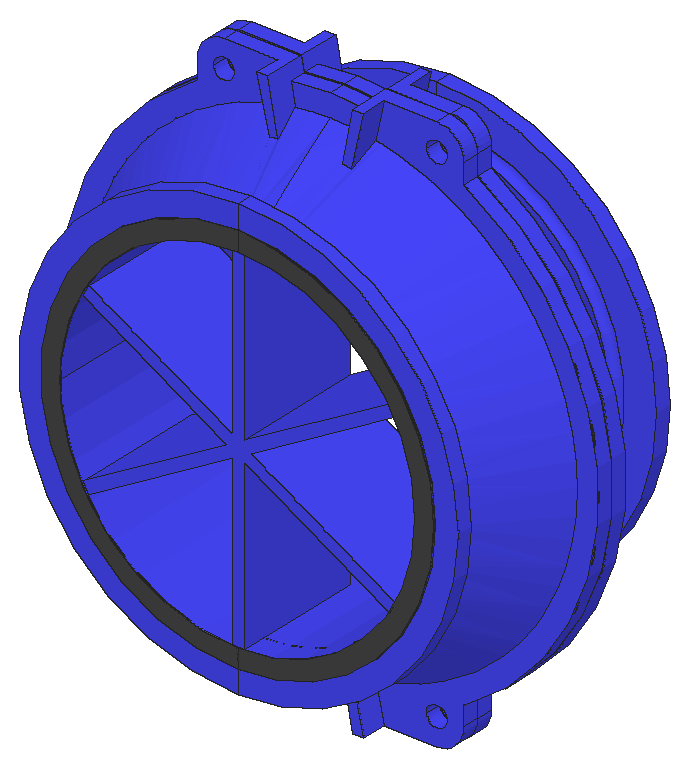
Revit family "928-00-001-DN600-1200", category Pipe Accessories, Revit 2022
Family settings
  Round Connector Dimension = Use Diameter
  Part Type = Valve - Breaks Into
  Work Plane-Based = No
  Always vertical = Yes
  Cut with Voids When Loaded = No
  Shared = No
Parameters (values of type "DN1200_PN16")
  slot_L = FL_T * 0.2  # 11.4 mm
  reference = Bore_R + Raised_dis  # 604 mm
  logo = B / 4  # 112.5 mm
  fillet_location = Raised_R * 0.8  # 531.2 mm
  URL product pages = "https://www.avkvalves.com/P.aspx?no=92860000010010200"
  Support_dim1 = size_lookup(Search_table, "Support_dim1", 0 mm, DN)  # 454.5 mm
  Support_dim = size_lookup(Search_table, "Support_dim", 0 mm, DN)  # 90.72 mm
  Slot_b = slot_L * 0.4  # 4.56 mm
  Search_table = "928-00-001-DN600-1200"
  Rib_T = FL_support3 * 0.8  # 144 mm
  Rib_L = FL_T * 1.5  # 85.5 mm
  Raised_dis = size_lookup(Search_table, "Raised_dis", 0 mm, DN)  # 4 mm
  Raised_R = size_lookup(Search_table, "Raised_R", 0 mm, DN)  # 664 mm
  PCD = size_lookup(Search_table, "PCD", 0 mm, DN) / 2  # 695 mm
  Mid_FL+5 = Mid_FL * 1.7  # 64.26 mm
  Mid_FL = A * 0.04  # 37.8 mm
  Inside_T = FL_T * 0.35  # 19.95 mm
  Hole_R = size_lookup(Search_table, "Hole_R", 0 mm, DN) * 1.8  # 36 mm
  Fillet = size_lookup(Search_table, "Fillet", 0 mm, DN)  # 28.5 mm
  FL_support4 = FL_support3 * 0.7  # 126 mm
  FL_support3 = B * 0.4  # 180 mm
  FL_support2 = B * 0.9  # 405 mm
  FL_support1 = Body_revolve + (Body_revolve * 0.1)  # 125.07 mm
  FL_T = size_lookup(Search_table, "FL_T", 0 mm, DN)  # 57 mm
  FL_R = size_lookup(Search_table, "FL_R", 0 mm, DN)  # 743 mm
  Description_ = "AVK DISC CHECK VALVE, FLANGED, PN10/16"
  Default Elevation = 0 mm
  DN900_PN16 = "928-900-00-010010200"
  DN900_PN10 = "928-900-00-010010200"
  DN800_PN16 = "928-800-00-020010200"
  DN800_PN10 = "928-800-00-010010200"
  DN700_PN16 = "928-700-00-020010200"
  DN700_PN10 = "928-700-00-010010200"
  DN600_PN16 = "928-600-00-020010200"
  DN600_PN10 = "928-600-00-010010200"
  DN1200_PN16 = "928-A12-00-010010200"
  DN1200_PN10 = "928-A12-00-010010200"
  DN1000_PN16 = "928-A10-00-010010200"
  DN1000_PN10 = "928-A10-00-010010200"
  DN = 1200.1 mm
  Bore_R_cut = Bore_R + 2 mm  # 602 mm
  Bore_R = size_lookup(Search_table, "Bore_R", 0 mm, DN)  # 600 mm
  Body_revolve = FL_T + (Mid_FL * 1.5)  # 113.7 mm
  Body_T = size_lookup(Search_table, "Body_T", 0 mm, DN)  # 20 mm
  Body_Rev1 = FL_T + Fillet  # 85.5 mm
  Body_Arc = PCD * 1.1  # 764.5 mm
  B-3 = B - 3 mm  # 447 mm
  B = size_lookup(Search_table, "B", 0 mm, DN) / 2  # 450 mm
  A-3 = A - 3 mm  # 942 mm
  A = size_lookup(Search_table, "A", 0 mm, DN) / 2  # 945 mm
  5 = 5 mm  # constant formula
  1 = 1 mm  # constant formula
Types (15, lengths in mm): name | slot_L | reference | logo | fillet_location | Support_dim1 | Support_dim | Slot_b | Rib_T | Rib_L | Raised_R | PCD | Mid_FL+5 | Mid_FL | Inside_T | Hole_R | Fillet | FL_support4 | FL_support3 | FL_support2 | FL_support1 | FL_T | FL_R | DN | Bore_R_cut | Bore_R | Body_revolve | Body_T | Body_Rev1 | Body_Arc | B-3 | B | A-3 | A
  (no name) | 11.4 | 604 | 112.5 | 531.2 | 454.5 | 90.72 | 4.56 | 144 | 85.5 | 664 | 695 | 64.26 | 37.8 | 19.95 | 36 | 28.5 | 126 | 180 | 405 | 125.07 | 57 | 743 | 1200.1 | 602 | 600 | 113.7 | 20 | 85.5 | 764.5 | 447 | 450 | 942 | 945
  DN600_PN10 | 7.2 | 304 | 54.375 | 272.8 | 219.675 | 44.16 | 2.88 | 69.6 | 54 | 341 | 385 | 31.28 | 18.4 | 12.6 | 28.8 | 18 | 60.9 | 87 | 195.75 | 69.96 | 36 | 420 | 600 | 302 | 300 | 63.6 | 8 | 54 | 423.5 | 214.5 | 217.5 | 457 | 460
  DN600_PN16 | 7.2 | 304 | 54.375 | 288 | 219.675 | 44.16 | 2.88 | 69.6 | 54 | 360 | 385 | 31.28 | 18.4 | 12.6 | 28.8 | 18 | 60.9 | 87 | 195.75 | 69.96 | 36 | 420 | 600.1 | 302 | 300 | 63.6 | 8 | 54 | 423.5 | 214.5 | 217.5 | 457 | 460
  DN700_PN10 | 8 | 354 | 62.5 | 317.6 | 252.5 | 53.76 | 3.2 | 80 | 60 | 397 | 420 | 38.08 | 22.4 | 14 | 28.8 | 20 | 70 | 100 | 225 | 80.96 | 40 | 455 | 700 | 352 | 350 | 73.6 | 10 | 60 | 462 | 247 | 250 | 557 | 560
  DN700_PN16 | 8 | 354 | 62.5 | 317.6 | 252.5 | 53.76 | 3.2 | 80 | 60 | 397 | 420 | 38.08 | 22.4 | 14 | 28.8 | 20 | 70 | 100 | 225 | 80.96 | 40 | 455 | 700.1 | 352 | 350 | 73.6 | 12 | 60 | 462 | 247 | 250 | 557 | 560
  DN800_PN10 | 8.6 | 404 | 64.375 | 360.8 | 260.075 | 56.64 | 3.44 | 82.4 | 64.5 | 451 | 475 | 40.12 | 23.6 | 15.05 | 32.4 | 21.5 | 72.1 | 103 | 231.75 | 86.24 | 43 | 512 | 800 | 402 | 400 | 78.4 | 14 | 64.5 | 522.5 | 254.5 | 257.5 | 587 | 590
  DN800_PN16 | 8.6 | 404 | 64.375 | 360.4 | 260.075 | 56.64 | 3.44 | 82.4 | 64.5 | 450.5 | 475 | 40.12 | 23.6 | 15.05 | 32.4 | 21.5 | 72.1 | 103 | 231.75 | 86.24 | 43 | 512.5 | 800.1 | 402 | 400 | 78.4 | 14 | 64.5 | 522.5 | 254.5 | 257.5 | 587 | 590
  DN900_PN10 | 9.3 | 454 | 88.75 | 400 | 358.55 | 71.04 | 3.72 | 113.6 | 69.75 | 500 | 525 | 50.32 | 29.6 | 16.275 | 32.4 | 23.25 | 99.4 | 142 | 319.5 | 99.99 | 46.5 | 562 | 900 | 452 | 450 | 90.9 | 15 | 69.75 | 577.5 | 352 | 355 | 737 | 740
  DN900_PN16 | 9.3 | 454 | 88.75 | 400.4 | 358.55 | 71.04 | 3.72 | 113.6 | 69.75 | 500.5 | 525 | 50.32 | 29.6 | 16.275 | 32.4 | 23.25 | 99.4 | 142 | 319.5 | 99.99 | 46.5 | 562.5 | 900.1 | 452 | 450 | 90.9 | 16 | 69.75 | 577.5 | 352 | 355 | 737 | 740
  DN1000_PN10 | 10 | 504 | 91.25 | 444.8 | 368.65 | 72 | 4 | 116.8 | 75 | 556 | 585 | 51 | 30 | 17.5 | 36 | 25 | 102.2 | 146 | 328.5 | 104.5 | 50 | 627 | 1000 | 502 | 500 | 95 | 15 | 75 | 643.5 | 362 | 365 | 747 | 750
  DN1000_PN16 | 10 | 504 | 91.25 | 444.8 | 368.65 | 72 | 4 | 116.8 | 75 | 556 | 585 | 51 | 30 | 17.5 | 36 | 25 | 102.2 | 146 | 328.5 | 104.5 | 50 | 627.5 | 1000.1 | 502 | 500 | 95 | 17 | 75 | 643.5 | 362 | 365 | 747 | 750
  DN1200_PN10 | 11.4 | 604 | 112.5 | 531.2 | 454.5 | 90.72 | 4.56 | 144 | 85.5 | 664 | 695 | 64.26 | 37.8 | 19.95 | 36 | 28.5 | 126 | 180 | 405 | 125.07 | 57 | 743 | 1200 | 602 | 600 | 113.7 | 18 | 85.5 | 764.5 | 447 | 450 | 942 | 945
  DN1200_PN16 | 11.4 | 604 | 112.5 | 531.2 | 454.5 | 90.72 | 4.56 | 144 | 85.5 | 664 | 695 | 64.26 | 37.8 | 19.95 | 36 | 28.5 | 126 | 180 | 405 | 125.07 | 57 | 743 | 1200.1 | 602 | 600 | 113.7 | 20 | 85.5 | 764.5 | 447 | 450 | 942 | 945
  DN750_PN10 | 8.6 | 379 | 64.375 | 336 | 260.075 | 56.64 | 3.44 | 82.4 | 64.5 | 420 | 450 | 40.12 | 23.6 | 15.05 | 32.4 | 21.5 | 72.1 | 103 | 231.75 | 86.24 | 43 | 480 | 750 | 377 | 375 | 78.4 | 12 | 64.5 | 495 | 254.5 | 257.5 | 587 | 590
  DN750_PN16 | 8.6 | 379 | 64.375 | 336 | 260.075 | 56.64 | 3.44 | 82.4 | 64.5 | 420 | 450 | 40.12 | 23.6 | 15.05 | 32.4 | 21.5 | 72.1 | 103 | 231.75 | 86.24 | 43 | 480 | 750.1 | 377 | 375 | 78.4 | 14 | 64.5 | 495 | 254.5 | 257.5 | 587 | 590
Reference planes
  plane 1 "Center (Front/Back)": y = 0
  plane 2: z = 0
  plane 3 "Center (Left/Right)": x = 0
  plane 4: z = 945
  plane 5: z = -945
  plane 6: x = -450
  plane 7: x = 450
  plane 8: y = 450
  plane 9: y = -450
  plane 10: y = 57
  plane 11: y = -57
  plane 12: x = -454.5
  plane 13: x = 454.5
  plane 14: y = 2.28
  plane 15: y = -2.28
  plane 16: x = -945
  plane 17: x = 945
  plane 18: y = 393
  plane 19: y = -393
  plane 20: through (0, -1524, 0) normal (-0.5, 0, -0.866)
  plane 21: through (0, -1524, 0) normal (-0.866, 0, 0.5)
  plane 22: through (0, -1524, 0) normal (0.5, 0, -0.866)
  plane 23: through (0, -1524, 0) normal (-0.5, 0, 0.866)
  plane 24: through (0, -1524, 0) normal (0.5, 0, 0.866)
  plane 25: through (0, -1524, 0) normal (0.866, 0, 0.5)
Forms (mm)
  Revolve 1, solid, material "Laminate, Blue, Matte"
    sketch origin (0, 0, 0) x (0, 1, 0) y (0, 0, 1)
      loop
        line (449, 0) -> (449, 664) -> (446, 664) -> (446, 743) -> (393, 743) -> (393, 630.5)
        arc (393, 630.5) -> (384.653, 610.347) -> (364.5, 602) r 28.5
        line (364.5, 602) -> (57, 602) -> (57, 907.2) -> (-57, 907.2) -> (-57, 602) -> (-364.5, 602)
        arc (-364.5, 602) -> (-384.653, 610.347) -> (-393, 630.5) r 28.5
        line (-393, 630.5) -> (-393, 743) -> (-446, 743) -> (-446, 664) -> (-449, 664) -> (-449, 0) -> (449, 0)
      axis (449, 0) -> (-449, 0)
    angle from 0 to 360
  Revolve 2, solid, material "Laminate, Blue, Matte"
    sketch origin (0, 0, 0) x (0, 1, 0) y (0, 0, 1)
      loop
        arc (364.5, 602) -> (215.397, 722.882) -> (57, 831.3) r 2369.729
        line (57, 831.3) -> (-57, 831.3)
        arc (-57, 831.3) -> (-215.397, 722.882) -> (-364.5, 602) r 2369.729
        line (-364.5, 602) -> (364.5, 602)
      axis (364.5, 0) -> (-364.5, 0)
    angle from 0 to 360
  Revolve 3, solid, material "Default Wall"
    sketch origin (0, 0, 0) x (0, 1, 0) y (0, 0, 1)
      loop
        line (450, 664) -> (449, 664) -> (449, 600) -> (450, 600) -> (450, 664)
      loop
        line (-449, 664) -> (-450, 664) -> (-450, 600) -> (-449, 600) -> (-449, 664)
      axis (450, 0) -> (-450, 0)
    angle from 0 to 360
  Extrusion 4, solid, material "Laminate, Blue, Matte"
    sketch origin (0, 0, 0) x (1, 0, 0) y (0, 0, 1)
      loop
        line (450, 945) -> (180, 945) -> (126, 819.93) -> (-126, 819.93) -> (-180, 945) -> (-454.5, 945) -> (-454.5, -945) -> (-180, -945) -> (-126, -819.93) -> (126, -819.93) -> (180, -945) -> (450, -945) -> (450, 945)
    from -57 to 57
  Extrusion 5, void
    sketch origin (0, 0, 0) x (-1, 0, 0) y (0, 0, 1)
      loop
        arc (-450, 854.28) -> (-423.429, 918.429) -> (-359.28, 945) r 90.72
        line (-359.28, 945) -> (-359.28, 946) -> (-454.5, 946) -> (-454.5, 785.138)
        arc (-454.5, 785.138) -> (-452.252, 786.435) -> (-450, 787.726) r 907.2
        line (-450, 787.726) -> (-450, 854.28)
      loop
        line (450, 854.28) -> (450, 787.726)
        arc (450, 787.726) -> (452.252, 786.435) -> (454.5, 785.138) r 907.2
        line (454.5, 785.138) -> (454.5, 946) -> (359.28, 946) -> (359.28, 945)
        arc (359.28, 945) -> (423.429, 918.429) -> (450, 854.28) r 90.72
      loop
        line (-450, -854.28) -> (-450, -787.726)
        arc (-450, -787.726) -> (-452.252, -786.435) -> (-454.5, -785.138) r 907.2
        line (-454.5, -785.138) -> (-454.5, -946) -> (-359.28, -946) -> (-359.28, -945)
        arc (-359.28, -945) -> (-423.429, -918.429) -> (-450, -854.28) r 90.72
      loop
        arc (450, -854.28) -> (423.429, -918.429) -> (359.28, -945) r 90.72
        line (359.28, -945) -> (359.28, -946) -> (454.5, -946) -> (454.5, -785.138)
        arc (454.5, -785.138) -> (452.252, -786.435) -> (450, -787.726) r 907.2
        line (450, -787.726) -> (450, -854.28)
      loop
        circle (-359.28, 854.28) r 36
      loop
        circle (359.28, 854.28) r 36
      loop
        circle (-359.28, -854.28) r 36
      loop
        circle (359.28, -854.28) r 36
    from -57 to 57
  Extrusion 6, solid, material "Laminate, Blue, Matte"
    sketch origin (0, 0, 0) x (1, 0, 0) y (0, 0, 1)
      loop
        line (0, 152.232) -> (180, 945) -> (144, 945) -> (0, 213.785) -> (-144, 945) -> (-180, 945) -> (0, 152.232)
      loop
        line (0, -152.232) -> (-180, -945) -> (-144, -945) -> (0, -213.785) -> (144, -945) -> (180, -945) -> (0, -152.232)
    from -142.5 to 142.5
  Revolve 7, void
    sketch origin (0, 0, 0) x (0, 1, 0) y (0, 0, 1)
      loop
        line (2.28, 1035.72) -> (-2.28, 1035.72) -> (-2.28, 743) -> (2.28, 743) -> (2.28, 1035.72)
      axis (2.28, 0) -> (-2.28, 0)
    angle from 0 to 360
  Extrusion 8, void
    sketch origin (0, 0, 0) x (-1, 0, 0) y (0, 0, 1)
      loop
        circle (0, 0) r 600
    from -450 to 450
  Extrusion 9, solid, material "Laminate, Blue, Matte"
    sketch origin (0, 0, 0) x (1, 0, 0) y (0, 0, 1)
      loop
        line (-19.95, 600) -> (-19.95, 34.554) -> (-509.64, 317.277) -> (-529.59, 282.723) -> (-39.9, 0) -> (-529.59, -282.723) -> (-509.64, -317.277) -> (-19.95, -34.554) -> (-19.95, -600) -> (19.95, -600) -> (19.95, -34.554) -> (509.64, -317.277) -> (529.59, -282.723) -> (39.9, 0) -> (529.59, 282.723) -> (509.64, 317.277) -> (19.95, 34.554) -> (19.95, 600) -> (-19.95, 600)
    from 446 to 0
Cuts and joins
  Extrusion 5, Revolve 7, Extrusion 8 cuts Revolve 1
  Extrusion 5, Revolve 7, Extrusion 8 cuts Revolve 2
  Extrusion 5, Revolve 7, Extrusion 8 cuts Extrusion 4
  Revolve 7, Extrusion 8 cuts Extrusion 6
  joined: Revolve 1, Revolve 2, Extrusion 4, Extrusion 6
  Extrusion 8 cuts Revolve 3
Dimensions and locks
  equal spacing: plane 4, level, plane 5
  "A": plane 4 to level
  equal spacing: plane 7, plane 3 "Center (Left/Right)", plane 6
  "B": plane 3 "Center (Left/Right)" to plane 6
  equal spacing: plane 8, plane 1 "Center (Front/Back)", plane 9
  "B": plane 8 to plane 1 "Center (Front/Back)"
  "FL_R": Revolve 1 sketch curve to level  (x2)
  "Raised_dis": plane 8 to Revolve 1 sketch curve
  "FL_T": plane 8 to Revolve 1 sketch curve
  "Raised_dis": Revolve 1 sketch curve to plane 9
  "FL_T": Revolve 1 sketch curve to plane 9
  "Raised_R": Revolve 1 sketch curve to level
  "Mid_FL": plane 4 to Revolve 1 sketch curve
  equal spacing: Revolve 1 sketch curve, plane 1 "Center (Front/Back)", Revolve 1 sketch curve
  "FL_T": Revolve 1 sketch curve to plane 1 "Center (Front/Back)"
  "Bore_R_cut": Revolve 1 sketch curve to level
  "Bore_R_cut": Revolve 2 sketch curve to level
  "Body_revolve": plane 4 to Revolve 2 sketch curve
  "Body_Rev1": plane 8 to Revolve 2 sketch curve
  equal spacing: Revolve 2 sketch curve, plane 1 "Center (Front/Back)", Revolve 2 sketch curve
  "FL_T": plane 1 "Center (Front/Back)" to Revolve 2 sketch curve
  "Body_Rev1": Revolve 2 sketch curve to plane 9
  "Bore_R": Revolve 3 sketch curve to level  (x2)
  "Raised_R": Revolve 3 sketch curve to level  (x2)
  "1": plane 8 to Revolve 3 sketch curve
  "1": Revolve 3 sketch curve to plane 9
  "1": plane 8 to Revolve 1 sketch curve
  "1": Revolve 1 sketch curve to plane 9
  equal spacing: Extrusion 4 sketch curve, plane 3 "Center (Left/Right)", Extrusion 4 sketch curve  (x4)
  Extrusion 4 sketch curve to plane 3 "Center (Left/Right)" = 450 mm
  "FL_support1": Extrusion 4 sketch curve to plane 4
  "FL_support3": Extrusion 4 sketch curve to plane 3 "Center (Left/Right)"  (x2)
  "FL_support4": Extrusion 4 sketch curve to plane 3 "Center (Left/Right)"  (x2)
  "Support_dim1": plane 3 "Center (Left/Right)" to Extrusion 4 sketch curve
  "FL_support1": plane 5 to Extrusion 4 sketch curve
  equal spacing: plane 10, plane 1 "Center (Front/Back)", plane 11
  "FL_T": plane 10 to plane 1 "Center (Front/Back)"
  "Support_dim": Extrusion 5 sketch curve to plane 7  (x2)
  "Support_dim": Extrusion 5 sketch curve to plane 6  (x2)
  "Support_dim": Extrusion 5 sketch curve to plane 4  (x2)
  "Support_dim": plane 5 to Extrusion 5 sketch curve  (x2)
  "Support_dim1": plane 3 "Center (Left/Right)" to plane 12
  "1": Extrusion 5 sketch curve to plane 4  (x2)
  "1": plane 5 to Extrusion 5 sketch curve  (x2)
  equal spacing: plane 13, plane 3 "Center (Left/Right)", plane 12
  "FL_support3": plane 3 "Center (Left/Right)" to Extrusion 6 sketch curve  (x4)
  "Rib_T": plane 3 "Center (Left/Right)" to Extrusion 6 sketch curve  (x4)
  equal spacing: Extrusion 6 sketch curve, level, Extrusion 6 sketch curve  (x2)
  locked: Extrusion 6 sketch curve to plane 3 "Center (Left/Right)"  (x2)
  equal spacing: cut or joined group of Revolve 1, Revolve 2, Extrusion 4, Extrusion 5, Extrusion 6, Revolve 7, Extrusion 8, plane 1 "Center (Front/Back)", cut or joined group of Revolve 1, Revolve 2, Extrusion 4, Extrusion 5, Extrusion 6, Revolve 7, Extrusion 8
  "Rib_L": cut or joined group of Revolve 1, Revolve 2, Extrusion 4, Extrusion 5, Extrusion 6, Revolve 7, Extrusion 8 to plane 10
  equal spacing: plane 14, plane 1 "Center (Front/Back)", plane 15
  "Slot_b": plane 14 to plane 15
  equal spacing: plane 17, plane 3 "Center (Left/Right)", plane 16
  "A": plane 3 "Center (Left/Right)" to plane 16
  equal spacing: Revolve 7 sketch curve, plane 1 "Center (Front/Back)", Revolve 7 sketch curve
  "FL_R": Revolve 7 sketch curve to level
  "Support_dim": Revolve 7 sketch curve to plane 4
  equal spacing: plane 18, plane 1 "Center (Front/Back)", plane 19
  "FL_T": plane 8 to plane 18
  equal spacing: Extrusion 8 sketch curve, level, Extrusion 8 sketch curve
  equal spacing: Extrusion 8 sketch curve, plane 3 "Center (Left/Right)", Extrusion 8 sketch curve
  equal spacing: Extrusion 9 sketch curve, level, Extrusion 9 sketch curve
  equal spacing: Extrusion 9 sketch curve, plane 3 "Center (Left/Right)", Extrusion 9 sketch curve
  "Inside_T": Extrusion 9 sketch curve to plane 3 "Center (Left/Right)"
  "Bore_R": level to Extrusion 9 sketch curve
  "Raised_dis": Extrusion 9 to plane 9
  "Inside_T": Extrusion 9 sketch curve to plane 20
  equal spacing: Extrusion 9 sketch curve, plane 20, Extrusion 9 sketch curve
  equal spacing: Extrusion 9 sketch curve, plane 21, Extrusion 9 sketch curve
  "Bore_R": Extrusion 9 sketch curve to plane 21
  equal spacing: Extrusion 9 sketch curve, plane 22, Extrusion 9 sketch curve
  equal spacing: Extrusion 9 sketch curve, plane 23, Extrusion 9 sketch curve
  equal spacing: Extrusion 9 sketch curve, plane 24, Extrusion 9 sketch curve
  "Inside_T": plane 23 to Extrusion 9 sketch curve
  "Inside_T": Extrusion 9 sketch curve to plane 24
  "Inside_T": plane 22 to Extrusion 9 sketch curve
  equal spacing: Extrusion 9 sketch curve, plane 25, Extrusion 9 sketch curve
  "Bore_R": Extrusion 9 sketch curve to plane 25
  plane 18 to nested 1 = 220.936 mm
  plane 4 to plane 5 = 1890 mm
  plane 8 to plane 9 = 900 mm
  "Fillet": radius of Revolve 1 sketch curve  (x2)
  "Support_dim": radius of Extrusion 5 sketch curve  (x4)
  "Hole_R": radius of Extrusion 5 sketch curve  (x4)
  "Bore_R": radius of Extrusion 8 sketch curve
  aligned and locked: level to plane 2
  aligned and locked: Revolve 1 sketch curve to level  (x2)
  aligned and locked: Revolve 1 sketch curve to Revolve 1 sketch curve  (x2)
  aligned and locked: Revolve 2 sketch curve to level
  aligned and locked: plane 8 to Revolve 3 sketch curve
  aligned and locked: Revolve 3 sketch curve to plane 9
  aligned and locked: level to Revolve 3 sketch curve
  aligned and locked: plane 4 to Extrusion 4 sketch curve  (x2)
  aligned and locked: plane 7 to Extrusion 4 sketch curve
  aligned and locked: Extrusion 4 sketch curve to plane 5
  aligned and locked: plane 5 to Extrusion 4 sketch curve
  aligned and locked: Extrusion 4 to plane 11
  aligned and locked: cut or joined group of Revolve 1, Revolve 2, Extrusion 4, Extrusion 5, Extrusion 6, Revolve 7, Extrusion 8 to plane 10
  aligned and locked: Extrusion 5 to Revolve 1  (x2)
  aligned and locked: Extrusion 5 sketch curve to plane 13  (x2)
  aligned and locked: Extrusion 5 sketch curve to plane 12  (x2)
  aligned and locked: Extrusion 5 sketch curve to cut or joined group of Revolve 1, Revolve 2, Extrusion 4, Extrusion 5, Extrusion 6, Revolve 7, Extrusion 8  (x4)
  aligned and locked: plane 6 to Extrusion 5 sketch curve
  aligned and locked: Extrusion 5 sketch curve to plane 7
  aligned and locked: plane 7 to Extrusion 5 sketch curve
  aligned and locked: Extrusion 6 sketch curve to plane 4
  aligned and locked: plane 4 to Extrusion 6 sketch curve
  aligned and locked: Extrusion 6 sketch curve to plane 5
  aligned and locked: plane 5 to Extrusion 6 sketch curve
  aligned and locked: plane 14 to Revolve 7 sketch curve
  aligned and locked: Revolve 7 sketch curve to level
  aligned and locked: Extrusion 8 to plane 8
  aligned and locked: plane 9 to Extrusion 8
  aligned and locked: Extrusion 9 to plane 1 "Center (Front/Back)"
Automatic sketch dimensions
  Revolve 1 sketch curve to plane 10 = 20.5 mm
  Revolve 1 sketch curve to Revolve 1 sketch curve = 14.121 mm
  Revolve 2 sketch curve to plane 5 = 231.823 mm  (x2)
  Revolve 2 sketch curve to plane 11 = 63 mm
  Revolve 2 sketch curve to plane 10 = 28 mm
  plane 19 to Revolve 3 sketch curve = 16.693 mm
  Revolve 3 sketch curve to plane 10 = 10.693 mm
  Extrusion 5 sketch curve to Extrusion 5 sketch curve = 0 mm  (x5)
  Extrusion 6 sketch curve to plane 3 "Center (Left/Right)" = 0 mm  (x2)
  Extrusion 6 sketch curve to level = 213.785 mm
  Extrusion 6 sketch curve to Extrusion 6 sketch curve = 61.554 mm
  plane 9 to Revolve 7 sketch curve = 306.525 mm
  Revolve 7 sketch curve to Revolve 7 sketch curve = 840 mm
  plane 21 to Extrusion 9 sketch curve = 0 mm  (x2)
Nested families
  nested 1: "LOGO 80" at (-754.846, 171.485, -2.597) x (-0.5793, -0.8151, -0.002) z (-0.8151, 0.5793, -0.0028), type "LOGO 80"
Connectors
  piping at (0, 450, 0), diameter 1200.1, driven by "DN"
    settings: on Revolve 3, index 1, connector inside diameter 609.6 mm, connector length 0 mm, flow factor 0, pipe flow 0.0 L/s, pressure drop 0.0 Pa, fitting loss kfactor 0, connector angle 0.00°, fixture units 0, engagement length 0 mm, angle of deflection 0.00°, flow configuration 0, flow direction 0, fitting loss method 0, system type 7, joint type 0, gender type 0, connector reference index -1, connector utility 0, adjustable connector no, is connector primary yes, connector description ""
  piping at (0, -450, 0), diameter 1200.1, driven by "DN"
    settings: on Revolve 3, index 2, connector inside diameter 609.6 mm, connector length 0 mm, flow factor 0, pipe flow 0.0 L/s, pressure drop 0.0 Pa, fitting loss kfactor 0, connector angle 0.00°, fixture units 0, engagement length 0 mm, angle of deflection 0.00°, flow configuration 0, flow direction 0, fitting loss method 0, system type 7, joint type 0, gender type 0, connector reference index -1, connector utility 0, adjustable connector no, is connector primary no, connector description ""
Definition of nested family "LOGO 80"
  Parameters (values of type "LOGO 80")
    Default Elevation = 1219.2 mm
    DN600 = yes
    DN500 = yes
  Reference planes
    plane 1 "Center (Front/Back)": y = 0
    plane 2: z = 0
    plane 3 "Center (Left/Right)": x = 0
  Forms (mm)
    Extrusion 1, solid
      sketch origin (0, 0, 0) x (1, 0, 0) y (0, 1, 0)
        loop
          line (-1219.2, 1219.2) -> (-1219.2, -1219.2) -> (1219.2, -1219.2) -> (1219.2, 1219.2) -> (-1219.2, 1219.2)
      from 0 to -304.8
    Extrusion 2, solid, visible <- "DN600"
      sketch origin (0, 0, 0) x (1, 0, 0) y (0, 1, 0)
        loop
          line (-13.414, 47.067) -> (-49.421, 47.067) -> (-49.421, 37.301) -> (-20.11, 37.301) -> (-4.923, 0) -> (4.923, 0) -> (20.11, 37.301) -> (49.421, 37.301) -> (49.421, 47.067) -> (13.414, 47.067) -> (0, 14.12) -> (-13.414, 47.067)
        loop
          line (-49.421, 24.122) -> (-40.161, 24.122) -> (-49.421, 0) -> (-38.959, 0) -> (-36.972, 5.177) -> (-21.641, 5.177) -> (-19.533, 0) -> (-8.989, 0) -> (-22.642, 33.536) -> (-49.421, 33.536) -> (-49.421, 24.122)
        loop
          line (-34.548, 14.12) -> (-25.282, 14.12) -> (-30.051, 25.833) -> (-34.548, 14.12)
        loop
          line (22.642, 33.536) -> (8.989, 0) -> (19.533, 0) -> (24.902, 13.186) -> (34.838, 0) -> (47.067, 0) -> (35.829, 14.914)
          arc (35.829, 14.914) -> (42.384, 18.149) -> (46.597, 24.122) r 14.826
          line (46.597, 24.122) -> (49.421, 24.122) -> (49.421, 33.536) -> (40.007, 33.536)
          arc (40.007, 33.536) -> (36.577, 25.039) -> (28.208, 21.306) r 12.238
          line (28.208, 21.306) -> (33.187, 33.536) -> (22.642, 33.536)
      from 0 to 1
  Dimensions and locks
    aligned and locked: plane 2 to Extrusion 1
    aligned and locked: level to Extrusion 1
